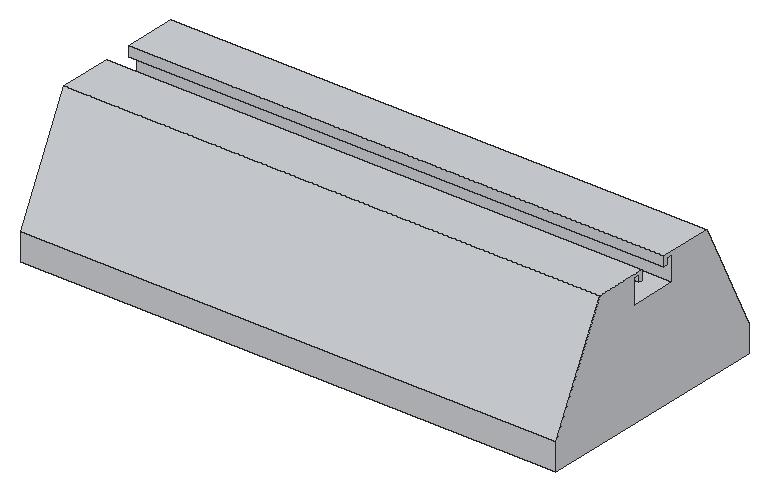
Revit family "MP400240", category Generic Models, Revit 2020
Family settings
  Can host rebar = No
  Round Connector Dimension = Use Diameter
  Part Type = Normal
  Work Plane-Based = Yes
  Always vertical = No
  Cut with Voids When Loaded = No
  Shared = No
  Room Calculation Point = No
Parameters (values of type "NBS Standard Parameters")
  Weight = "4.05"
  WarrantyStartDate [instance] = "1900-12-31T23:59:59"
  WarrantyGuarantorParts = "12 months"
  WarrantyGuarantorLabor = "n/a"
  WarrantyDurationUnit = "12 months"
  WarrantyDurationParts = "n/a"
  WarrantyDurationLabor = "n/a"
  WarrantyDescription = "n/a"
  Version = "1"
  Uniclass2 = "Pr_65_70_11_19"
  URL = "www.metpro.co.uk"
  TagNumber [instance] = "n/a"
  SustainabilityPerformance = ""
  Size = "400mm"
  Shape = "Rectangular"
  SerialNumber [instance] = "n/a"
  Revision = "n/a"
  ReplacementCost = "n/a"
  ProductInformation = "www.metpro.co.uk/pdf/MP400240.pdf"
  NominalWidth = 400 mm
  NominalLength = 180 mm
  NominalHeight = 95 mm
  Name = "MP400240 - ECO FRIENDLY STANDARD FOOT"
  NBSTypeID = ""
  NBSReference = "90-55-10/305"
  NBSOfficeMasterTag = ""
  NBSNote = ""
  NBSDescription = "Channel cable supports"
  NBSCertification = ""
  ModelReference = "Channel cable supports"
  ModelNumber = "MP400240"
  Material = "Foot - SBR Recycled Rubber / Channel - Pre galv 41x21"
  ManufacturerURL = "www.metpro.co.uk"
  ManufacturerName = "Metpro ltd"
  Manufacturer = "Metpro ltd"
  Keynote = "SWL Loading 240kg"
  InstallationDate [instance] = "1900-12-31T23:59:59"
  IfcExportType = ""
  IfcExportAs = ""
  Grade = "n/a"
  Finish = "Foot - Black / Channel - Pre galv"
  Features = "SWL 240kg per foot, suitable for both internal & external application (temp between -40 to +80 deg C)"
  ExpectedLife = "n/a"
  DurationUnit = "1 year"
  Description = "MP400240 - Eco friendly standard foot"
  Default Elevation = 1219.2 mm
  Constituents = "n/a"
  Color = "Black"
  CodePerformance = "n/a"
  Category = "n/a"
  BarCode [instance] = "n/a"
  BIMObjectName = "Metpro_metprolibrary_channelcablesupports_channelbracket"
  Author = "Metpro"
  AssetType = "Fixed"
  AssetIdentifier [instance] = "n/a"
  AccessibilityPerformance = "n/a"
Reference planes
  plane 1 "Center (Front/Back)": y = 0
  plane 2: z = -49.367
  plane 3 "Center (Left/Right)": x = 0
Forms (mm)
  Extrusion 1, solid
    sketch origin (-3.322, 99.234, -24.021) x (0, 0, 1) y (0, 1, 0)
      loop
        line (12.649, 31.337) -> (12.649, -148.663) -> (32.649, -148.663) -> (112.84, -107.804) -> (112.84, -68.304) -> (105.34, -68.304) -> (105.34, -70.804) -> (110.34, -70.804) -> (110.34, -75.754) -> (91.84, -75.754) -> (91.84, -39.799) -> (110.34, -39.799) -> (110.34, -44.749) -> (105.34, -44.749) -> (105.34, -47.274) -> (112.84, -47.274) -> (112.84, -7.774) -> (32.649, 31.337) -> (12.649, 31.337)
    from 0 to 400
Dimensions and locks
  aligned and locked: level to plane 2
